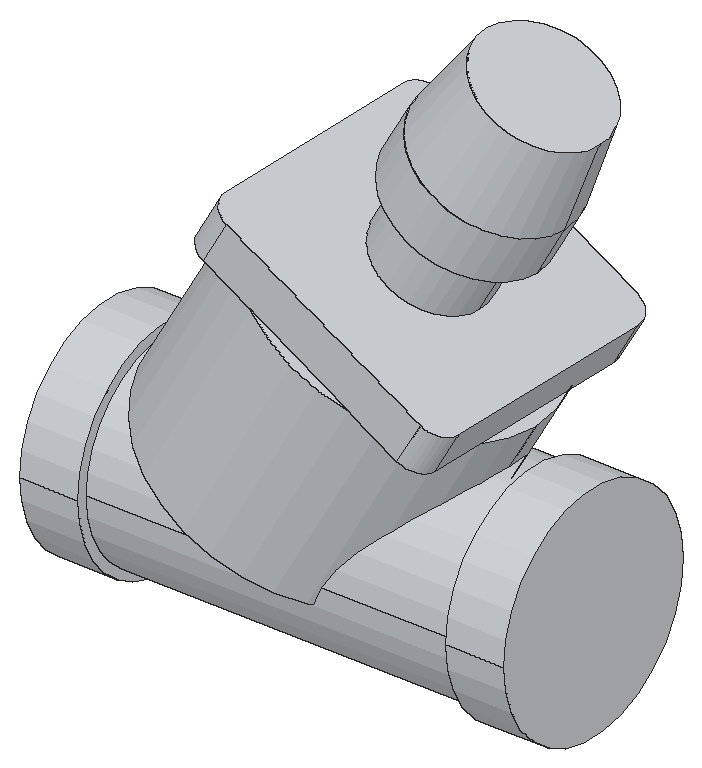
Revit family "OPTIMA_Compact_MM_DN32_5,0_RFA_2018", category Pipe Accessories, Revit 2018
Family settings
  Round Connector Dimension = Use Diameter
  Part Type = Valve - Breaks Into
  Work Plane-Based = No
  Always vertical = Yes
  Cut with Voids When Loaded = No
  Shared = No
Parameters (values of type "OPTIMA Compact DN32 M-M 5.5mm")
  magiProductId = "9229f6b2647a4beea29cfed7a0464e"
  magiProductFamilyId = "78ecc78dd0e54fb5aa8a98aef7d402"
  magiPartTypeId = 304
  isMeasuringValve [instance] = no
  ang2D [instance] = 0.00°
  Z = 1 mm
  X = 13 mm
  W2D = 32 mm
  VersionID = "2.0/2018.8.28.1/FRESE_OPTIMA-COMPACT-MM_001"
  Use Minimum Symbol Size [instance] = yes
  URL = "www.hydronic.cz"
  Type Comments = "vnější závit; PN25; 0~120°C, bez měřicích vsuvek"
  R9 = 8 mm
  R8 = 14 mm
  R7 = 17 mm
  R6 = 12 mm
  R5 = 5 mm
  R4 = 29 mm
  R3 = 31.5 mm
  R2 = 22 mm
  R1 = 24 mm
  QmdConnectorList = "301;D;302;D"
  Productdata [instance] = ""
  PLG0 = no
  Manufacturer = "Hydronic Systems Prague s.r.o."
  MC Product Code = "53-1314  (6/4\" M-M; 5.5mm; Qmin-dpmin 550l/h-17.9kPa; Qmax-dpmin 4001l/h-28.0kPa; dpmax 800kPa)"
  MC Piping Given Pressure Drop [instance] = 0.0 Pa
  LL = 52 mm
  L3 = 12.5 mm
  L2D_Min = 3048 mm
  L2D = 104 mm
  L2 = 79.04 mm
  L1__ve = -L1  # -12.48 mm
  L1 = 12.48 mm
  H6__ve = -H6  # -66 mm
  H6 = 66 mm
  H5 = 20 mm
  H4 = 12 mm
  H3 = 16 mm
  H2 = 10 mm
  H1 = 46 mm
  Description = "Tlakově nezávislý 2-cestný regulační vyvažovací ventil (PICV)"
  D = 32 mm
  A = 30.00°
Types (8, lengths in mm): name | magiProductId | Z | X | R4 | R3 | R2 | R1 | MC Product Code | LL | L3 | L2 | L1__ve | L1 | H6__ve | H6 | H5 | H3 | H2 | H1 | D
  OPTIMA Compact DN32 M-M 5.5mm | "9229f6b2647a4beea29cfed7a0464e" | 1 | 13 | 29 | 31.5 | 22 | 24 | "53-1314  (6/4\" M-M; 5.5mm; Qmin-dpmin 550l/h-17.9kPa; Qmax-dpmin 4001l/h-28.0kPa; dpmax 800kPa)" | 52 | 12.5 | 79.04 | -12.48 | 12.48 | -66 | 66 | 20 | 16 | 10 | 46 | 32
  OPTIMA Compact DN15 M-M 2.5mm | "cf91b4957677408aaed6de7f8e707d" | 0 | 7 | 19 | 19 | 12 | 13 | "53-1304  (3/4\" M-M; 2.5mm; Qmin-dpmin 100l/h-14.9kPa; Qmax-dpmin 575l/h-18.5kPa; dpmax 800kPa)" | 32.5 | 11 | 49.4 | -7.8 | 7.8 | -55 | 55 | 20 | 18 | 8 | 26 | 15
  OPTIMA Compact DN15 M-M 5.0mm | "3da7abe28dc3494da6d3a7ef2edb11" | 0 | 7 | 19 | 19 | 12 | 13 | "53-1305  (3/4\" M-M; 5.0mm; Qmin-dpmin 220l/h-16.0kPa; Qmax-dpmin 1330l/h-21.6kPa; dpmax 800kPa)" | 32.5 | 11 | 49.4 | -7.8 | 7.8 | -55 | 55 | 20 | 18 | 8 | 26 | 15
  OPTIMA Compact DN20 M-M 5.0mm | "dbf1ea5749af4e6bb74c096f7a23b2" | 0 | 10 | 19 | 19 | 13.5 | 16.5 | "53-1308  (1\" M-M; 5.0mm; Qmin-dpmin 220l/h-16.0kPa; Qmax-dpmin 1330l/h-21.6kPa; dpmax 800kPa)" | 35 | 11 | 53.2 | -8.4 | 8.4 | -58.5 | 58.5 | 20 | 18 | 8 | 26 | 20
  OPTIMA Compact DN20 M-M 5.5mm | "a40c776a67e54a899e920652842cb9" | 0 | 10 | 19 | 19 | 13.5 | 16.5 | "53-1311  (1\" M-M; 5.5mm; Qmin-dpmin 300l/h-17.8kPa; Qmax-dpmin 1800l/h-40.0kPa; dpmax 800kPa)" | 35 | 11 | 53.2 | -8.4 | 8.4 | -58.5 | 58.5 | 20 | 18 | 8 | 26 | 20
  OPTIMA Compact DN25 M-M 5.5mm | "c9531e40f709430d814b4200686e37" | 0 | 13 | 29 | 31.5 | 18.5 | 21 | "53-1313  (5/4\" M-M; 5.5mm; Qmin-dpmin 600l/h-17.3kPa; Qmax-dpmin 3609l/h-23.0kPa; dpmax 800kPa)" | 52 | 12.5 | 79.04 | -12.48 | 12.48 | -63 | 63 | 20 | 16 | 10 | 43 | 25
  OPTIMA Compact DN10 M-M 2.5mm | "719160033de540c9acf49957212ec3" | 0 | 7 | 19 | 19 | 9 | 10.5 | "53-1300  (1/2\" M-M; 2.5mm; Qmin-dpmin 30l/h-14.3kPa; Qmax-dpmin 200l/h-15.8kPa; dpmax 800kPa)" | 32.5 | 11 | 49.4 | -7.8 | 7.8 | -52.5 | 52.5 | 17 | 18 | 8 | 30 | 10
  OPTIMA Compact DN10 M-M 5.0mm | "5a6cfbbfc7584f5c989f475761ae24" | 0 | 7 | 19 | 19 | 9 | 10.5 | "53-1309  (1/2\" M-M; 5.0mm; Qmin-dpmin 65l/h-14.6kPa; Qmax-dpmin 370l/h-17.2kPa; dpmax 800kPa)" | 32.5 | 11 | 49.4 | -7.8 | 7.8 | -52.5 | 52.5 | 17 | 18 | 8 | 30 | 10
Reference planes
  plane 1 "Center (Front/Back)": y = 0
  plane 2 "XYPLANE": z = 0
  plane 3 "Center (Left/Right)": x = 0
  plane 4 "267": x = 12.5
  plane 5 "266": x = -12.5
  plane 6 "252": through (-597.019, 0, 465.933) normal (0.5, 0, 0.866)
  plane 7 "250": through (-607.019, 0, 448.612) normal (0.5, 0, 0.866)
  plane 8 "248": through (-613.019, 0, 438.22) normal (0.5, 0, 0.866)
  plane 9 "245": through (-621.019, 0, 424.363) normal (0.5, 0, 0.866)
  plane 10 "241": through (338.627, 0, 670.519) normal (0.866, 0, -0.5)
  plane 11 "240": through (388.856, 0, 641.519) normal (0.866, 0, -0.5)
  plane 12 "239": y = -29
  plane 13 "238": y = 29
  plane 14 "237": through (-626.019, 0, 415.703) normal (0.5, 0, 0.866)
  plane 15 "235": through (-649.019, 0, 375.866) normal (0.5, 0, 0.866)
  plane 16 "231": y = 0
  plane 17 "230": through (363.742, 0, 656.019) normal (0.866, 0, -0.5)
  plane 18 "211": x = -39.52
  plane 19 "204": x = 52
  plane 20 "203": x = -52
  plane 21 "202": x = 0
  plane 22 "201": z = 0
  plane 23 "200": y = 0
  plane 24 "227XY": through (-649.519, 0, 375) normal (0.5, 0, 0.866)
  plane 25 "227XZ": y = 0
  plane 26 "227YZ": through (375, 0, 649.519) normal (0.866, 0, -0.5)
Forms (mm)
  Extrusion 1, solid, visible <- "PLG0"
    sketch origin (-750, 0, 0) x (1, 0, 0) y (0, 1, 0)
      loop
        circle (762.5, 0) r 8
    from 0 to -66 <- "H6__ve"
  Extrusion 2, solid, visible <- "PLG0"
    sketch origin (-750, 0, 0) x (1, 0, 0) y (0, 1, 0)
      loop
        circle (737.5, 0) r 8
    from 0 to -66 <- "H6__ve"
  Blend 3, solid
    base sketch origin (-607.019, 0, 448.612) x (0.866025, 0, -0.5) y (0, 1, 0)
      loop
        circle (737, 0) r 17
    top sketch origin (-607.019, 0, 448.612) x (0.866025, 0, -0.5) y (0, 1, 0)
      loop
        circle (737, 0) r 14
    from 0 to 20
  Extrusion 4, solid
    sketch origin (-613.019, 0, 438.22) x (0.866025, 0, -0.5) y (0, 1, 0)
      loop
        circle (737, 0) r 17
    from 0 to 12 <- "H4"
  Extrusion 5, solid
    sketch origin (-621.019, 0, 424.363) x (0.866025, 0, -0.5) y (0, 1, 0)
      loop
        circle (737, 0) r 12
    from 0 to 16 <- "H3"
  Extrusion 6, solid
    sketch origin (-626.019, 0, 415.703) x (0.866025, 0, -0.5) y (0, 1, 0)
      loop
        arc (713, 29) -> (709.464, 27.536) -> (708, 24) r 5
        line (708, 24) -> (708, -24)
        arc (708, -24) -> (709.464, -27.536) -> (713, -29) r 5
        line (713, -29) -> (761, -29)
        arc (761, -29) -> (764.536, -27.536) -> (766, -24) r 5
        line (766, -24) -> (766, 24)
        arc (766, 24) -> (764.536, 27.536) -> (761, 29) r 5
        line (761, 29) -> (713, 29)
    from 0 to 10 <- "H2"
  Extrusion 7, solid
    sketch origin (-649.019, 0, 375.866) x (0.866025, 0, -0.5) y (0, 1, 0)
      loop
        circle (737, 0) r 31.5
    from 0 to 46 <- "H1"
  Extrusion 8, solid
    sketch origin (-39.52, -750, 0) x (0, 1, 0) y (0, 0, 1)
      loop
        circle (750, 0) r 22
    from 0 to 79.04 <- "L2"
  Extrusion 9, solid
    sketch origin (52, -750, 0) x (0, 1, 0) y (0, 0, 1)
      loop
        circle (750, 0) r 24
    from 0 to -12.48 <- "L1__ve"
  Extrusion 10, solid
    sketch origin (-52, -750, 0) x (0, 1, 0) y (0, 0, 1)
      loop
        circle (750, 0) r 24
    from 0 to 12.48 <- "L1"
  Extrusion 11, solid, not visible
    sketch origin (52, -750, 0) x (0, 1, 0) y (0, 0, 1)
      loop
        circle (750, 0) r 10
    from 0 to -10
  Extrusion 12, solid, not visible
    sketch origin (-52, -750, 0) x (0, 1, 0) y (0, 0, 1)
      loop
        circle (750, 0) r 10
    from 0 to 10
Lines and regions (mm)
  reference lines, not visible
    curve 1: circle (2, 2, 0) r 1 normal (0, 0, 1)
Dimensions and locks
  plane 1 "Center (Front/Back)" to curve 1 = 2 mm
  "L3": plane 3 "Center (Left/Right)" to plane 4 "267"
  "L3": plane 3 "Center (Left/Right)" to plane 5 "266"
  "H5": plane 7 "250" to plane 6 "252"
  "H4": plane 8 "248" to plane 7 "250"
  "H3": plane 9 "245" to plane 8 "248"
  "H2": plane 14 "237" to plane 9 "245"
  "R4": plane 17 "230" to plane 10 "241"
  "R4": plane 17 "230" to plane 11 "240"
  "R4": plane 23 "200" to plane 12 "239"
  "R4": plane 23 "200" to plane 13 "238"
  "H1": plane 15 "235" to plane 14 "237"
  "Z": plane 24 "227XY" to plane 15 "235"
  locked: plane 23 "200" to plane 16 "231"
  "X": plane 26 "227YZ" to plane 17 "230"
  "L1": plane 20 "203" to plane 18 "211"
  "LL": plane 3 "Center (Left/Right)" to plane 19 "204"
  "LL": plane 3 "Center (Left/Right)" to plane 20 "203"
  locked: plane 3 "Center (Left/Right)" to plane 21 "202"
  locked: plane 2 "XYPLANE" to plane 22 "201"
  locked: plane 1 "Center (Front/Back)" to plane 23 "200"
  Extrusion 6 sketch curve to Extrusion 6 sketch curve = 0 mm  (x16)
  "R9": radius of Extrusion 1 sketch curve
  "R9": radius of Extrusion 2 sketch curve
  "R8": radius of Blend 3 sketch curve
  "R7": radius of Blend 3 sketch curve
  "R7": radius of Extrusion 4 sketch curve
  "R6": radius of Extrusion 5 sketch curve
  "R5": radius of Extrusion 6 sketch curve  (x4)
  "R3": radius of Extrusion 7 sketch curve
  "R2": radius of Extrusion 8 sketch curve
  "R1": radius of Extrusion 9 sketch curve
  "R1": radius of Extrusion 10 sketch curve
  aligned and locked: level to plane 2 "XYPLANE"
  aligned and locked: plane 4 "267" to Extrusion 1 sketch curve
  aligned and locked: plane 23 "200" to Extrusion 1 sketch curve
  aligned and locked: plane 5 "266" to Extrusion 2 sketch curve
  aligned and locked: plane 23 "200" to Extrusion 2 sketch curve
  aligned and locked: plane 16 "231" to Blend 3 sketch curve  (x2)
  aligned and locked: Blend 3 sketch curve to plane 17 "230"  (x2)
  aligned and locked: plane 6 "252" to Blend 3
  aligned and locked: plane 16 "231" to Extrusion 4 sketch curve
  aligned and locked: Extrusion 4 sketch curve to plane 17 "230"
  aligned and locked: plane 16 "231" to Extrusion 5 sketch curve
  aligned and locked: Extrusion 5 sketch curve to plane 17 "230"
  aligned and locked: Extrusion 6 sketch curve to plane 10 "241"
  aligned and locked: Extrusion 6 sketch curve to plane 12 "239"
  aligned and locked: Extrusion 6 sketch curve to plane 11 "240"
  aligned and locked: plane 13 "238" to Extrusion 6 sketch curve
  aligned and locked: plane 16 "231" to Extrusion 7 sketch curve
  aligned and locked: Extrusion 7 sketch curve to plane 17 "230"
  aligned and locked: plane 22 "201" to Extrusion 8 sketch curve
  aligned and locked: Extrusion 8 sketch curve to plane 23 "200"
  aligned and locked: plane 22 "201" to Extrusion 9 sketch curve
  aligned and locked: Extrusion 9 sketch curve to plane 23 "200"
  aligned and locked: plane 22 "201" to Extrusion 10 sketch curve
  aligned and locked: Extrusion 10 sketch curve to plane 23 "200"
  aligned and locked: plane 22 "201" to Extrusion 11 sketch curve
  aligned and locked: Extrusion 11 sketch curve to plane 23 "200"
  aligned and locked: plane 22 "201" to Extrusion 12 sketch curve
  aligned and locked: Extrusion 12 sketch curve to plane 23 "200"
Automatic sketch dimensions
  plane 1 "Center (Front/Back)" to Extrusion 11 sketch curve = 10 mm
  plane 1 "Center (Front/Back)" to Extrusion 12 sketch curve = 10 mm
  plane 3 "Center (Left/Right)" to curve 1 = 2 mm
  radius of curve 1 = 1 mm
Connectors
  piping at (-52, 0, 0), diameter 32, driven by "D"
    settings: on Extrusion 12, index 1, connector inside diameter 609.6 mm, connector length 0 mm, flow factor 0, pipe flow 0.0 L/s, pressure drop 0.0 Pa, fitting loss kfactor 0, connector angle 0.00°, fixture units 0, engagement length 0 mm, angle of deflection 0.00°, flow configuration 0, flow direction 0, fitting loss method 0, system type 29, joint type 0, gender type 0, connector reference index 2, connector utility 0, adjustable connector no, is connector primary yes, connector description ""
  piping at (52, 0, 0), diameter 32, driven by "D"
    settings: on Extrusion 11, index 2, connector inside diameter 609.6 mm, connector length 0 mm, flow factor 0, pipe flow 0.0 L/s, pressure drop 0.0 Pa, fitting loss kfactor 0, connector angle 0.00°, fixture units 0, engagement length 0 mm, angle of deflection 0.00°, flow configuration 0, flow direction 0, fitting loss method 0, system type 29, joint type 0, gender type 0, connector reference index 1, connector utility 0, adjustable connector no, is connector primary no, connector description ""
